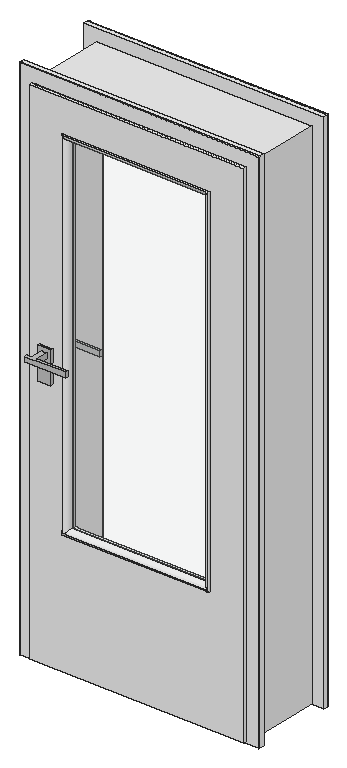
Revit family "cpl_1.3_osc_PS_pn", category Drzwi, Revit 2014
Parameters (values of type "pn 80")
  wysokość = 2016 mm
  szerokość = 800 mm
  Zakres szerokości muru [instance] = if(and(Grubość ściany > 94 mm, Grubość ściany < 120 mm), "B", (if(and(Grubość ściany > 119 mm, Grubość ściany < 140 mm), "C", (if(and(Grubość ściany > 139 mm, Grubość ściany < 160 mm), "D", (if(and(Grubość ściany > 159 mm, Grubość ściany < 180 mm), "E", (if(and(Grubość ściany > 179 mm, Grubość ściany < 200 mm), "F", (if(and(Grubość ściany > 199 mm, Grubość ściany < 220 mm), "G", (if(and(Grubość ściany > 219 mm, Grubość ściany < 240 mm), "H", (if(and(Grubość ściany > 239 mm, Grubość ściany < 260 mm), "I", (if(and(Grubość ściany > 259 mm, Grubość ściany < 280 mm), "J", (if(and(Grubość ściany > 279 mm, Grubość ściany < 301 mm), "K", "BRAK")))))))))))))))))))  # "K"
  Wysokość brutto = 2060 mm
  Szerokość brutto = 880 mm
  Model = "CPL 1.3"  # constant formula
  Materiał szklenie [instance] = Szkło
  Klamka [instance] = yes
  Grubość ściany [instance] = 300 mm
  Funkcja = Wewnętrzna
  URL = "www.porta.com.pl"
  Ss = 844 mm
  Sb = 846 mm
  Producent = "PORTA KMI POLAND"  # constant formula
  Keynote = ""
  Opis = "Ościeżnica Porta System"
  Height = 0 mm
  Zakończenie ściany = Wg obiektu nadrzędnego
  Width = 0 mm
  Materiał skrzydło [instance] = Porta - biały
  Materiał ościeżnica [instance] = Porta - biały
  Materiał klamka [instance] = Porta - chrom
  Hs = 2030 mm
Types (6, lengths in mm): name | szerokość | Szerokość brutto | Ss | Sb
  (no name) | 800 | 880 | 844 | 846
  pn 80 | 800 | 880 | 844 | 846
  pn 90 | 900 | 980 | 944 | 946
  pn 100 | 1000 | 1080 | 1044 | 1046
  pn 70 | 700 | 780 | 744 | 746
  pn 60 | 600 | 680 | 644 | 646
Reference planes
  plane 1: y = 0
  plane 2 "Środek (Lewa/Prawa)": x = 0
  plane 3 "Lewy": x = -440
  plane 4 "Prawy": x = 440
  plane 5: z = 2060
  plane 6 "Zewnętrzna": y = 150
  plane 7 "Wewnętrzna": y = -150
  plane 8 "skrzydło": y = -144.5
  plane 9: y = -184.5
  plane 10: x = -354
Forms (mm)
  Sweep 1, solid, material "Porta - biały" <- "Materiał ościeżnica"
    path in 3D
      loop
        line (-440, -150, 0) -> (-440, -150, 2060) -> (440, -150, 2060) -> (440, -150, 0)
    profile origin (-440, -150, 1030) x (0, -1, 0) y (1, 0, 0)
      loop
        line (-10, 39) -> (-72, 39) -> (-72, 17) -> (0, 17) -> (0, -33) -> (16, -33)
        arc (16, -33) -> (18.121, -32.121) -> (19, -30) r 3
        line (19, -30) -> (19, 24)
        arc (19, 24) -> (18.121, 26.121) -> (16, 27) r 3
        line (16, 27) -> (-10, 27) -> (-10, 39)
  Sweep 2, solid, material "Porta - biały" <- "Materiał ościeżnica"
    path in 3D
      loop
        line (440, 150, 0) -> (440, 150, 2060) -> (-440, 150, 2060) -> (-440, 150, 0)
    profile origin (-440, 150, 1030) x (1, 0, 0) y (0, 1, 0)
      loop
        line (-33, 0) -> (17, 0) -> (17, -228) -> (39, -228) -> (39, -1)
        arc (39, -1) -> (37.536, 2.536) -> (34, 4) r 5
        line (34, 4) -> (25, 4) -> (25, 16)
        arc (25, 16) -> (24.121, 18.121) -> (22, 19) r 3
        line (22, 19) -> (-30, 19)
        arc (-30, 19) -> (-32.121, 18.121) -> (-33, 16) r 3
        line (-33, 16) -> (-33, 0)
Cuts and joins
  joined: Sweep 1, Sweep 2
Lines and regions (mm)
  Opening 1
    outline origin (-3050, -150, 0) x (1, 0, 0) y (0, 0, 1)
      loop
        line (2610, 0) -> (3490, 0) -> (3490, 2060) -> (2610, 2060) -> (2610, 0)
  sketch lines
    curve 1: line (-440, -150, 0) -> (-440, -150, 2060)
    curve 2: line (-440, -150, 2060) -> (440, -150, 2060)
    curve 3: line (440, -150, 2060) -> (440, -150, 0)
    curve 4: line (-440, 150, 2060) -> (-440, 150, 0)
    curve 5: line (440, 150, 2060) -> (-440, 150, 2060)
    curve 6: line (440, 150, 0) -> (440, 150, 2060)
  symbolic lines, style "Doors"
    curve 7: line (440, -184.5, 0) -> (440, -1028.5, 0)
    curve 8: line (440, -1028.5, 0) -> (400, -1028.5, 0)
    curve 9: line (400, -1028.5, 0) -> (400, -184.5, 0)
    curve 10: line (400, -184.5, 0) -> (440, -184.5, 0)
  symbolic lines
    curve 11: arc (-422, -184.5, 0) -> (-174.798, -781.298, 0) -> (422, -1028.5, 0) r 844
Text (mm)
  text "Zewnętrzna" at (-2295.016, 1099.543, 0), in view "Poziom odniesienia"
  text "Zewnętrzna" at (0, 1615.38, 3698.081), in view "Lewy"
  text "Zewnętrzna" at (0, 1036.032, 3874.932), in view "Prawy"
Dimensions and locks
  equal spacing: plane 3 "Lewy", plane 2 "Środek (Lewa/Prawa)", plane 4 "Prawy"
  "Szerokość brutto": plane 3 "Lewy" to plane 4 "Prawy"
  "Wysokość brutto": plane 5 to host wall
  host wall to plane 5 = 2060 mm  (x2)
  locked: plane 6 "Zewnętrzna" to host wall at 0
  locked: plane 7 "Wewnętrzna" to host wall
  "Sb": Sweep 1 to Sweep 1
  locked: Sweep 1 sketch curve to Sweep 1 sketch curve at 22
  Sweep 1 sketch curve to Sweep 1 sketch curve = 50 mm
  locked: Sweep 1 sketch curve to profile plane at 72
  locked: Sweep 2 sketch curve to Sweep 2 sketch curve at 50
  locked: Sweep 2 sketch curve to Sweep 2 sketch curve at 22
  locked: Sweep 2 sketch curve to plane 6 "Zewnętrzna" at 1
  locked: curve 9 to curve 7 at 40
  "Ss": curve 8 to curve 10
  plane 2 "Środek (Lewa/Prawa)" to curve 7 = 440 mm
  locked: plane 7 "Wewnętrzna" to plane 8 "skrzydło" at 5.5
  equal spacing: nested 1, plane 2 "Środek (Lewa/Prawa)", nested 1
  locked: nested 1 to level at 8
  "Grubość ściany": host wall to host wall
  locked: plane 8 "skrzydło" to plane 9 at 40
  locked: plane 3 "Lewy" to plane 10 at 86
  aligned and locked: plane 3 "Lewy" to Opening 1 sketch curve
  aligned and locked: plane 5 to Opening 1 sketch curve  (x2)
  aligned and locked: Opening 1 sketch curve to plane 4 "Prawy"
  aligned and locked: Opening 1 sketch curve to level
  aligned and locked: plane 1 to host wall
  aligned and locked: Sweep 1 to Sweep 2 sketch curve
  aligned and locked: Sweep 2 sketch curve to cut or joined group of Sweep 1, Sweep 2
  aligned and locked: nested 1 to plane 8 "skrzydło"
  aligned and locked: plane 4 "Prawy" to curve 7
  aligned and locked: plane 9 to curve 10
  aligned and locked: nested 3 to plane 8 "skrzydło"
  aligned and locked: plane 9 to nested 2
  aligned and locked: plane 10 to nested 2
  aligned and locked: nested 3 to plane 10
Automatic sketch dimensions
  profile plane to Sweep 1 sketch curve = 10 mm
  Sweep 1 sketch curve to profile plane = 16 mm  (x2)
  Sweep 1 sketch curve to Sweep 1 sketch curve = 3 mm
  profile plane to Sweep 1 sketch curve = 17 mm
  Sweep 1 sketch curve to Sweep 1 sketch curve = 7 mm
  Sweep 1 sketch curve to profile plane = 0 mm
  Sweep 2 sketch curve to profile plane = 0 mm
  Sweep 2 sketch curve to profile plane = 16 mm
  Sweep 2 sketch curve to Sweep 2 sketch curve = 3 mm
  Sweep 2 sketch curve to Sweep 2 sketch curve = 5 mm
  Sweep 2 sketch curve to profile plane = 4 mm
  Sweep 2 sketch curve to Sweep 2 sketch curve = 8 mm
  plane 9 to curve 11 = 0 mm
  plane 4 "Prawy" to curve 11 = 18 mm
Nested families
  nested 1: "skrzydło" at (0, -151, 0), type "skrzydło"
  nested 2: "KLAMKA" at (-344, -184.5, 1112), Materiał klamki <- "Materiał klamka", visible <- "Klamka", type "KLAMKA"
    with Materiał klamki Porta - chrom
  nested 3: "KLAMKA" at (-344, -144.5, 1112), Materiał klamki <- "Materiał klamka", visible <- "Klamka", type "KLAMKA"
    with Materiał klamki Porta - chrom
Definition of nested family "skrzydło"
  Parameters (values of type "skrzydło")
    Ss = 844 mm
    Materiał szklenie = none
    Materiał skrzydło = none
    Assembly Code = ""
    Hs = 2030 mm
  Reference planes
    plane 1 "Tył": y = 6.5
    plane 2: z = 0
    plane 3 "Środek (Lewa/Prawa)": x = 0
    plane 4 "Lewa": x = -422
    plane 5 "Prawa": x = 422
    plane 6 "Przód": y = -33.5
    plane 7: z = 2038
    plane 8 "Centrum": y = -13.5
    plane 9: z = 8
    plane 10: x = -290
    plane 11: x = 290
    plane 12: z = 1910
    plane 13: z = 496
  Forms (mm)
    Extrusion 1, solid, material <- "Materiał skrzydło"
      sketch origin (0, -33.5, 0) x (-1, 0, 0) y (0, 0, 1)
        loop
          line (422, 2038) -> (-422, 2038) -> (-422, 8) -> (422, 8) -> (422, 2038)
      from 0 to 40
    Sweep 2, void
      path origin (0, 6.5, 0) x (1, 0, 0) y (0, 0, 1)
        loop
          line (422, 0) -> (422, 2038) -> (-422, 2038) -> (-422, 0)
      profile origin (-422, 6.5, 1019) x (0, -1, 0) y (1, 0, 0)
        loop
          line (0, 0) -> (26, 0) -> (26, 13) -> (0, 13) -> (0, 0)
    Extrusion 3, void
      sketch origin (-892.016, -13.5, 1200) x (1, 0, 0) y (0, 0, 1)
        loop
          line (602.016, 710) -> (602.016, -704) -> (1182.016, -704) -> (1182.016, 710) -> (602.016, 710)
      from -20 to 20
    Extrusion 4, solid, material <- "Materiał szklenie"
      sketch origin (-892.016, -13.5, 1200) x (-1, 0, 0) y (0, 0, 1)
        loop
          line (-602.016, 710) -> (-1182.016, 710) -> (-1182.016, -704) -> (-602.016, -704) -> (-602.016, 710)
      from -2 to 2
    Sweep 5, solid, material <- "Materiał skrzydło"
      path origin (-892.016, -13.5, 1200) x (-1, 0, 0) y (0, 0, 1)
        loop
          line (-602.016, 710) -> (-1182.016, 710) -> (-1182.016, -704) -> (-602.016, -704) -> (-602.016, 710)
      profile origin (-290, -13.5, 1203) x (0, 1, 0) y (-1, 0, 0)
        loop
          arc (-24.985, -3.759) -> (-17.016, -16.981) -> (-2, -20.566) r 19.963
          line (-2, -20.566) -> (2, -20.566)
          arc (2, -20.566) -> (16.892, -17.071) -> (24.939, -4.061) r 19.963
          arc (24.939, -4.061) -> (23.683, -0.554) -> (20, 0) r 3.629
          line (20, 0) -> (-20, 0)
          arc (-20, 0) -> (-23.563, -0.459) -> (-24.985, -3.759) r 3.629
  Cuts and joins
    Sweep 2, Extrusion 3 cuts Extrusion 1
  Dimensions and locks
    equal spacing: plane 4 "Lewa", plane 3 "Środek (Lewa/Prawa)", plane 5 "Prawa"
    "Ss": plane 4 "Lewa" to plane 5 "Prawa"
    locked: plane 9 to level at 8
    "Hs": plane 7 to plane 9
    equal spacing: plane 6 "Przód", plane 8 "Centrum", plane 1 "Tył"
    locked: plane 4 "Lewa" to plane 10 at 132
    locked: plane 11 to plane 5 "Prawa" at 132
    plane 7 to plane 12 to plane 13 = 128 mm locked, 1414 mm locked
    aligned and locked: Extrusion 1 sketch curve to plane 9
    aligned and locked: Extrusion 1 sketch curve to plane 5 "Prawa"
    aligned and locked: Extrusion 1 sketch curve to plane 4 "Lewa"
    aligned and locked: Sweep 2 sketch curve to plane 4 "Lewa"
    aligned and locked: Sweep 2 sketch curve to plane 7
    aligned and locked: Sweep 2 sketch curve to plane 5 "Prawa"
    aligned and locked: level to Sweep 2 sketch curve  (x2)
    aligned and locked: plane 7 to Extrusion 1 sketch curve
    aligned and locked: Extrusion 3 sketch curve to plane 10
    aligned and locked: Extrusion 3 sketch curve to plane 13
    aligned and locked: Extrusion 3 sketch curve to plane 12
    aligned and locked: plane 11 to Extrusion 3 sketch curve
    aligned and locked: plane 10 to Extrusion 4 sketch curve
    aligned and locked: Extrusion 4 sketch curve to plane 11
    aligned and locked: plane 13 to Extrusion 4 sketch curve
    aligned and locked: plane 12 to Extrusion 4 sketch curve
    aligned and locked: plane 10 to Sweep 5 sketch curve
    aligned and locked: plane 12 to Sweep 5 sketch curve
    aligned and locked: plane 13 to Sweep 5 sketch curve
    aligned and locked: Sweep 5 sketch curve to plane 11
  Automatic sketch dimensions
    plane 1 "Tył" to Sweep 2 sketch curve = 0 mm
    Sweep 2 sketch curve to profile plane = 0 mm
    Sweep 2 sketch curve to Sweep 2 sketch curve = 26 mm
    Sweep 2 sketch curve to Sweep 2 sketch curve = 13 mm
    Sweep 5 sketch curve to plane 8 "Centrum" = 21.378 mm
    Sweep 5 sketch curve to Sweep 5 sketch curve = 1.378 mm  (x2)
    Sweep 5 sketch curve to Sweep 5 sketch curve = 14.767 mm  (x2)
    Sweep 5 sketch curve to Sweep 5 sketch curve = 3.233 mm
    Sweep 5 sketch curve to Sweep 5 sketch curve = 4 mm
    Sweep 5 sketch curve to Sweep 5 sketch curve = 10.465 mm
    profile plane to Sweep 5 sketch curve = 20.566 mm
    Sweep 5 sketch curve to Sweep 5 sketch curve = 17.209 mm  (x2)
    Sweep 5 sketch curve to Sweep 5 sketch curve = 2.491 mm
    Sweep 5 sketch curve to Sweep 5 sketch curve = 0 mm
    Sweep 5 sketch curve to Sweep 5 sketch curve = 3.357 mm
Definition of nested family "KLAMKA"
  Parameters (values of type "KLAMKA")
    Materiał klamki [instance] = none
    Assembly Code = ""
    Default Elevation = 1219.2 mm
  Reference planes
    plane 1 "Center (Front/Back)": y = 0
    plane 2: z = 0
    plane 3 "Center (Left/Right)": x = -10
  Forms (mm)
    Extrusion 1, solid, material <- "Materiał klamki"
      sketch origin (0, 0, 0) x (1, 0, 0) y (0, 0, 1)
        loop
          line (-35, -25) -> (15, -25) -> (15, 25) -> (-35, 25) -> (-35, -25)
      from 0 to 10
    Extrusion 2, solid, material <- "Materiał klamki"
      sketch origin (0, 0, 0) x (1, 0, 0) y (0, 1, 0)
        loop
          line (-20, -10) -> (-20, -60) -> (-40, -60) -> (-40, -70) -> (120, -70) -> (120, -60) -> (0, -60) -> (0, -10) -> (-20, -10)
      from -10 to 10
    Extrusion 3, solid, material <- "Materiał klamki"
      sketch origin (0, 0, -8) x (1, 0, 0) y (0, 0, 1)
        loop
          line (-35, -92) -> (15, -92) -> (15, -42) -> (-35, -42) -> (-35, -92)
      from 0 to 10
  Dimensions and locks
    aligned and locked: Extrusion 1 to plane 1 "Center (Front/Back)"
